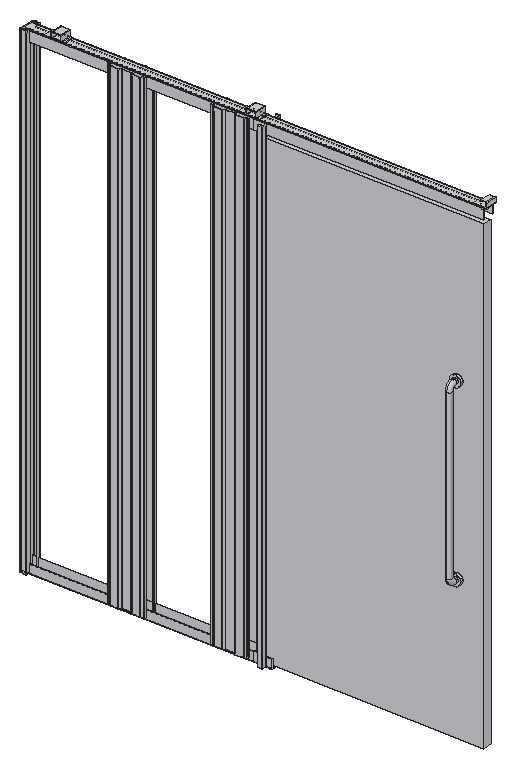
Revit family "BOS-LineaSet-One-Sonder_Familie", category Türen, Revit 2017
Family settings
  Basisbauteil = Wand
  Immer vertikal = Ja
  Beim Laden mit Abzugskörper schneiden = Nein
  Gemeinsam genutzt = Nein
  Raumberechnungspunkt = Ja
Parameters (values of type "LineaSet One Sonder mit ALU 80 BOS Holz")
  Theoretisches Rohbaumaß Höhe   Theoretical Wall Opening Height Measurement [instance] = AMH Außenmaß_Höhe   Overall Height Measurement  # 2215 mm
  Theoretisches Rohbaumaß Breite   Theoretical Wall Opening Width Measurement [instance] = AMB Außenmaß_Breite   Overall Width Measurement  # 2084.5 mm
  Stoßgriffdurchmesser [instance] = 24 mm  # constant formula
  Türblatteinstand vorne = 9 mm  # constant formula
  Türblatteinstand hinten = 40 mm  # constant formula
  Türblatt geöffnet in ...% LDB [instance] = ((LDB effektiv Lichte Durchgangs Breite effektiv * Türblatt geöffnet in ...% LDB effektiv) * 100 mm / 100 mm) / LDB Lichte Durchgangs Breite  # 0
  Türblatt geöffnet in ...% LDB effektiv  Doorleaf opened in ...% Real Clearance Width [instance] = 0
  Türgriffabstand   Door handle offset [instance] = 120 mm
  Türgriff - Auswahl [instance] = if(Stoßgriffe, "Stoßgriffe", "Muschelgriffe")  # "Stoßgriffe"
  Türgriffabstand min. [instance] = 99 mm  # constant formula
  Türgriffabstand max. [instance] = 150 mm  # constant formula
  Türblatt geöffnet in ...% LDB effektiv [instance] = if(Türblatt geöffnet in ...% LDB effektiv  Doorleaf opened in ...% Real Clearance Width < 0, 0, if(Türblatt geöffnet in ...% LDB effektiv  Doorleaf opened in ...% Real Clearance Width > 100, 100, Türblatt geöffnet in ...% LDB effektiv  Doorleaf opened in ...% Real Clearance Width))  # 0
  TRB rechts [instance] = (LDB Lichte Durchgangs Breite / 2) + Einfügepunkt  # 493 mm
  TRB links [instance] = Theoretisches Rohbaumaß Breite   Theoretical Wall Opening Width Measurement - (LDB Lichte Durchgangs Breite / 2) - Einfügepunkt  # 1591.5 mm
  Material - Bürstendichtung = none
  Material - Anschraubprofil = none
  Laufkastenabstand rechts [instance] = 12.5 mm  # constant formula
  Laufkastenabstand links [instance] = 1.5 mm  # constant formula
  LDH effektiv Lichte Durchgangs Höhe effektiv   Real Clearance Height [instance] = 2110 mm
  LDH effektiv Lichte Durchgangs Höhe effektiv [instance] = if(LDH effektiv Lichte Durchgangs Höhe effektiv   Real Clearance Height < LDH effektiv min., LDH effektiv min., if(LDH effektiv Lichte Durchgangs Höhe effektiv   Real Clearance Height > LDH effektiv max., LDH effektiv max., LDH effektiv Lichte Durchgangs Höhe effektiv   Real Clearance Height))  # 2110 mm
  LDH Lichte Durchgangs Höhe [instance] = LDH effektiv Lichte Durchgangs Höhe effektiv + 30 mm  # 2140 mm
  LDB effektiv Lichte Durchgangs Breite effektiv [instance] = LDB Lichte Durchgangs Breite - if(Stoßgriffe, [Türblatteinstand (Griff)], 0 mm)  # 754 mm
  LDB Lichte Durchgangs Breite   Clearance Width [instance] = 936 mm
  LDB Lichte Durchgangs Breite [instance] = if(LDB Lichte Durchgangs Breite   Clearance Width < LDB effektiv min., LDB effektiv min., if(LDB Lichte Durchgangs Breite   Clearance Width > LDB effektiv max., LDB effektiv max., LDB Lichte Durchgangs Breite   Clearance Width))  # 936 mm
  Klemmschutzabstand [instance] = 50 mm  # constant formula
  Material - Türblatt = none
  Einlaufkastenprofil 2 [instance] = 5 mm + if(LDB Lichte Durchgangs Breite < 686 mm, 182.9 mm, if(LDB Lichte Durchgangs Breite < 811 mm, 566.5 mm, if(LDB Lichte Durchgangs Breite < 936 mm, 616.5 mm, if(LDB Lichte Durchgangs Breite < 1061 mm, 648.5 mm, 738.5 mm))))  # 653.5 mm
  Einlaufkastenprofil 1 = 5 mm + 182.9 mm  # 187.9 mm
  Einfügepunkt = 25 mm  # constant formula
  DIN Richtung [instance] = "DIN neutral"  # constant formula
  Bürstendichtungslänge [instance] = LDH Lichte Durchgangs Höhe - 2 mm  # 2138 mm
  Bürstendichtung = Glastürblatt  # no
  Beplankungsstärke [instance] = (MW Maulweite   Receiving Opening - 75 mm) / 2  # 25 mm
  Anschraubprofil sichtbar [instance] = no
  ALU 100 BOS = or(LineaSet One Sonder mit ALU 100 BOS Holz, LineaSet One Sonder mit ALU 100 BOS Glas)  # no
  ALU 80 BOS = or(LineaSet One Sonder mit ALU 80 BOS Holz, LineaSet One Sonder mit ALU 80 BOS Glas)  # yes
  Zargenblechstärke = 1.5 mm  # constant formula
  Türblatteinstand (Griff) [instance] = if(Muschelgriffe, 0 mm, Türgriffabstand + Klemmschutzabstand + Stoßgriffdurchmesser / 2)  # 182 mm
  Türgriffabstand [instance] = if(Türgriffabstand   Door handle offset < Türgriffabstand min., Türgriffabstand min., if(Türgriffabstand   Door handle offset > Türgriffabstand max., Türgriffabstand max., Türgriffabstand   Door handle offset))  # 120 mm
  Türblattreferenz [instance] = LDB Lichte Durchgangs Breite + Türblatteinstand vorne - (Türblatt geöffnet in ...% LDB effektiv  Doorleaf opened in ...% Real Clearance Width * (LDB effektiv Lichte Durchgangs Breite effektiv + Türblatteinstand vorne) / 100)  # 945 mm
  Türblattabstand unten [instance] = 10 mm  # constant formula
  TAH Türblatt_Außenmaß_Höhe   Door Leaf Overall Height Measurement [instance] = LDH effektiv Lichte Durchgangs Höhe effektiv  # 2110 mm
  TAH Türblatt Außenmaß Höhe [instance] = TAH Türblatt_Außenmaß_Höhe   Door Leaf Overall Height Measurement  # 2110 mm
  TAB Türblatt_Außenmaß_Breite   Door Leaf Overall Width Measurement [instance] = LDB Lichte Durchgangs Breite + 49 mm  # 985 mm
  TAB Türblatt Außenmaß Breite [instance] = TAB Türblatt_Außenmaß_Breite   Door Leaf Overall Width Measurement  # 985 mm
  LineaSet One Sonder mit ALU 80 BOS Holz = yes
  Stoßgrifflänge [instance] = 800 mm  # constant formula
  Stoßgriffe [instance] = yes
  LineaSet One Sonder mit ALU 80 BOS Glas = no
  LineaSet One Sonder mit ALU 100 BOS Holz = no
  Wandstärke   Wall Thickness [instance] = 125 mm
  Muschelgriffe [instance] = not(Stoßgriffe)  # no
  Material - Türgriff = none
  Material - Laufschiene = none
  Material - Führungszapfen = none
  Holztürblattstärke = 40 mm  # constant formula
  Holztürblatt = or(LineaSet One Sonder mit ALU 80 BOS Holz, LineaSet One Sonder mit ALU 100 BOS Holz)  # yes
  Glastürblattstärke = 8 mm  # constant formula
  Glastürblatt = or(LineaSet One Sonder mit ALU 80 BOS Glas, LineaSet One Sonder mit ALU 100 BOS Glas)  # no
  URL = "www.BestOfSteel.de/stahlzargen/zargen-fuer-schiebetueren/lineaset-one/"
  Türblattstärke [instance] = if(Holztürblatt, Holztürblattstärke, Glastürblattstärke)  # 40 mm
  Rough Height = 0 mm  # constant formula
  Rough Width = 0 mm  # constant formula
  Rechtliche Hinweise [instance] = "www.BestOfSteel.de/tools-downloads/bim-building-information-modeling/"
  LineaSet One Sonder mit ALU 100 BOS Glas = no
  Modell = "LineaSet mit ALU 80 BOS Holz"
  Material - Zarge = none
  Material = "grundiert, feuerverzinktes Feinblech nach DIN EN 10143"
  MW min. = 125 mm  # constant formula
  MW max. = 150 mm  # constant formula
  MW Maulweite   Receiving Opening [instance] = if(Wandstärke   Wall Thickness < MW max., MW min., MW max.)  # 125 mm
  Information in English = no
  Info-Texte sichtbar = yes
  Height [instance] = Theoretisches Rohbaumaß Höhe   Theoretical Wall Opening Height Measurement  # 2215 mm
  Hersteller = "BOS GmbH Best Of Steel, Lütkenfelde 4, D-48282 Emsdetten"
  MW Fehler [instance] = not(or(Wandstärke   Wall Thickness = MW min., Wandstärke   Wall Thickness = MW max.))  # no
  Funktion = Innen
  LDH effektiv min. = 1985 mm  # constant formula
  LDH effektiv max. = 2433 mm  # constant formula
  LDB effektiv min. = 561 mm  # constant formula
  LDB effektiv max. = 1186 mm  # constant formula
  Dicke = 0 mm  # constant formula
  Width = 0 mm  # constant formula
  Beschreibung = "Schiebetürzarge LineaSet One Sonder, vormontiert, rahmenlos für in der Wand laufende Schiebetüren"
  Bauelement = "BOS Stahlzarge"
  BOS-Architekten-Beratung = "Tel.: +49 (0) 2572 203-203; E-Mail: architekten@BestOfSteel.de"
  BE Bodeneinstand   Foundation Bedding [instance] = 0 mm  # constant formula
  BE Bodeneinstand [instance] = if(BE Bodeneinstand   Foundation Bedding < 0 mm, 0 mm, if(BE Bodeneinstand   Foundation Bedding > BE max., BE max., BE Bodeneinstand   Foundation Bedding))  # 0 mm
  BE max. = 100 mm  # constant formula
  Technische Infos rund um die Stahlzarge = "www.BestOfSteel.de/tools-downloads/technische-infos-rund-um-die-stahlzarge/"
  AMH Außenmaß_Höhe   Overall Height Measurement [instance] = LDH effektiv Lichte Durchgangs Höhe effektiv + 105 mm  # 2215 mm
  AMB Außenmaß_Breite   Overall Width Measurement [instance] = (2 * LDB Lichte Durchgangs Breite) + 212.5 mm  # 2084.5 mm
Reference planes
  plane 1 "Wand": y = 0
  plane 2 "Mitte (Links/rechts)": x = 125
  plane 3 "Hinten": y = 62.5
  plane 4 "Vorne": y = -62.5
  plane 5 "RRB links": x = -1466.5
  plane 6 "TRB rechts": x = 618
  plane 7 "TRH oben": z = 2215
  plane 8 "BE": z = 0
  plane 9 "LDH effektiv oben": z = 2110
  plane 10 "BE max.": z = -100
  plane 11 "LDB links": x = -343
  plane 12 "LDB rechts": x = 593
  plane 13 "Einlaufkastenprofil 1": x = -530.9
  plane 14 "Einlaufkastenprofil 2": x = -996.5
  plane 15 "LDH + 47": z = 2187
  plane 16 "LDH oben": z = 2140
Forms (mm)
  Sweep 1, solid, material <- "Material - Zarge", detail levels fine
    path origin (0, 0, 0) x (1, 0, 0) y (0, 0, 1)
      loop
        line (-1466.5, 0) -> (-1466.5, 2187)
    profile "BOS-Ständerprofil-LineaSet-(One)_Profil : BOS-Ständerprofil-LineaSet-(One)_Profil" origin (-1466.5, 0, 1093.5) x (-1, 0, 0) y (0, -1, 0)
      loop
        line (-30, 22) -> (-28.5, 22) -> (-28.5, 35)
        arc (-28.5, 35) -> (-28.207, 35.707) -> (-27.5, 36) r 1
        line (-27.5, 36) -> (-2.5, 36)
        arc (-2.5, 36) -> (-1.793, 35.707) -> (-1.5, 35) r 1
        line (-1.5, 35) -> (-1.5, -35)
        arc (-1.5, -35) -> (-1.793, -35.707) -> (-2.5, -36) r 1
        line (-2.5, -36) -> (-27.5, -36)
        arc (-27.5, -36) -> (-28.207, -35.707) -> (-28.5, -35) r 1
        line (-28.5, -35) -> (-28.5, -22) -> (-30, -22) -> (-30, -35)
        arc (-30, -35) -> (-29.268, -36.768) -> (-27.5, -37.5) r 2.5
        line (-27.5, -37.5) -> (-2.5, -37.5)
        arc (-2.5, -37.5) -> (-0.732, -36.768) -> (0, -35) r 2.5
        line (0, -35) -> (0, 35)
        arc (0, 35) -> (-0.732, 36.768) -> (-2.5, 37.5) r 2.5
        line (-2.5, 37.5) -> (-27.5, 37.5)
        arc (-27.5, 37.5) -> (-29.268, 36.768) -> (-30, 35) r 2.5
        line (-30, 35) -> (-30, 22)
  Sweep 2, solid, material <- "Material - Zarge", detail levels fine
    path origin (0, 0, 0) x (1, 0, 0) y (0, 0, 1)
      loop
        line (-343, 2) -> (-343, 2184)
    profile "BOS-Seitenteil-LineaSet-(One)_Profil : BOS-Seitenteil-LineaSet-(One)_Profil" origin (-343, 0, 1093) x (-1, 0, 0) y (0, -1, 0)
      loop
        line (27.5, -50) -> (45, -50) -> (45, -48.5) -> (27.5, -48.5)
        arc (27.5, -48.5) -> (26.793, -48.207) -> (26.5, -47.5) r 1
        line (26.5, -47.5) -> (26.5, -29.5)
        arc (26.5, -29.5) -> (26.793, -28.793) -> (27.5, -28.5) r 1
        line (27.5, -28.5) -> (81.5, -28.5) -> (81.5, -27) -> (27.5, -27)
        arc (27.5, -27) -> (25.732, -27.732) -> (25, -29.5) r 2.5
        line (25, -29.5) -> (25, -47.5)
        arc (25, -47.5) -> (25.732, -49.268) -> (27.5, -50) r 2.5
      loop
        arc (27.5, 50) -> (25.732, 49.268) -> (25, 47.5) r 2.5
        line (25, 47.5) -> (25, 29.5)
        arc (25, 29.5) -> (25.732, 27.732) -> (27.5, 27) r 2.5
        line (27.5, 27) -> (81.5, 27) -> (81.5, 28.5) -> (27.5, 28.5)
        arc (27.5, 28.5) -> (26.793, 28.793) -> (26.5, 29.5) r 1
        line (26.5, 29.5) -> (26.5, 47.5)
        arc (26.5, 47.5) -> (26.793, 48.207) -> (27.5, 48.5) r 1
        line (27.5, 48.5) -> (45, 48.5) -> (45, 50) -> (27.5, 50)
  Sweep 3, void
    path origin (0, 0, 0) x (1, 0, 0) y (0, 0, 1)
      loop
        line (-343, 46) -> (-343, 2140)
    profile origin (-343, 0, 1093) x (-1, 0, 0) y (0, -1, 0)
      loop
        line (81.5, -28.5) -> (81.5, 28.5) -> (35, 28.5) -> (35, -28.5) -> (81.5, -28.5)
  Sweep 4, solid, material <- "Material - Zarge", detail levels fine
    path origin (0, 0, 0) x (1, 0, 0) y (0, 0, 1)
      loop
        line (-530.9, 8) -> (-530.9, 2178)
    profile "BOS-Einlaufkastenprofil-LineaSet-(One)_Profil : BOS-Einlaufkastenprofil-LineaSet-(One)_Profil" origin (-530.9, 0, 1093) x (-1, 0, 0) y (0, -1, 0)
      loop
        arc (-67.482, -36) -> (-68.732, -35.665) -> (-69.648, -34.75) r 2.5
        line (-69.648, -34.75) -> (-72.967, -29)
        arc (-72.967, -29) -> (-74.431, -27.536) -> (-76.431, -27) r 4
        line (-76.431, -27) -> (-85, -27) -> (-85, -28.5) -> (-76.431, -28.5)
        arc (-76.431, -28.5) -> (-75.181, -28.835) -> (-74.266, -29.75) r 2.5
        line (-74.266, -29.75) -> (-70.947, -35.5)
        arc (-70.947, -35.5) -> (-69.482, -36.964) -> (-67.482, -37.5) r 4
        line (-67.482, -37.5) -> (-30.518, -37.5)
        arc (-30.518, -37.5) -> (-28.518, -36.964) -> (-27.053, -35.5) r 4
        line (-27.053, -35.5) -> (-23.734, -29.75)
        arc (-23.734, -29.75) -> (-22.819, -28.835) -> (-21.569, -28.5) r 2.5
        line (-21.569, -28.5) -> (21.569, -28.5)
        arc (21.569, -28.5) -> (22.819, -28.835) -> (23.734, -29.75) r 2.5
        line (23.734, -29.75) -> (27.053, -35.5)
        arc (27.053, -35.5) -> (28.518, -36.964) -> (30.518, -37.5) r 4
        line (30.518, -37.5) -> (67.482, -37.5)
        arc (67.482, -37.5) -> (69.482, -36.964) -> (70.947, -35.5) r 4
        line (70.947, -35.5) -> (74.266, -29.75)
        arc (74.266, -29.75) -> (75.181, -28.835) -> (76.431, -28.5) r 2.5
        line (76.431, -28.5) -> (85, -28.5) -> (85, -27) -> (76.431, -27)
        arc (76.431, -27) -> (74.431, -27.536) -> (72.967, -29) r 4
        line (72.967, -29) -> (69.648, -34.75)
        arc (69.648, -34.75) -> (68.732, -35.665) -> (67.482, -36) r 2.5
        line (67.482, -36) -> (30.518, -36)
        arc (30.518, -36) -> (29.268, -35.665) -> (28.352, -34.75) r 2.5
        line (28.352, -34.75) -> (25.033, -29)
        arc (25.033, -29) -> (23.569, -27.536) -> (21.569, -27) r 4
        line (21.569, -27) -> (-21.569, -27)
        arc (-21.569, -27) -> (-23.569, -27.536) -> (-25.033, -29) r 4
        line (-25.033, -29) -> (-28.352, -34.75)
        arc (-28.352, -34.75) -> (-29.268, -35.665) -> (-30.518, -36) r 2.5
        line (-30.518, -36) -> (-67.482, -36)
      loop
        line (-67.482, 36) -> (-30.518, 36)
        arc (-30.518, 36) -> (-29.268, 35.665) -> (-28.352, 34.75) r 2.5
        line (-28.352, 34.75) -> (-25.033, 29)
        arc (-25.033, 29) -> (-23.569, 27.536) -> (-21.569, 27) r 4
        line (-21.569, 27) -> (21.569, 27)
        arc (21.569, 27) -> (23.569, 27.536) -> (25.033, 29) r 4
        line (25.033, 29) -> (28.352, 34.75)
        arc (28.352, 34.75) -> (29.268, 35.665) -> (30.518, 36) r 2.5
        line (30.518, 36) -> (67.482, 36)
        arc (67.482, 36) -> (68.732, 35.665) -> (69.648, 34.75) r 2.5
        line (69.648, 34.75) -> (72.967, 29)
        arc (72.967, 29) -> (74.431, 27.536) -> (76.431, 27) r 4
        line (76.431, 27) -> (85, 27) -> (85, 28.5) -> (76.431, 28.5)
        arc (76.431, 28.5) -> (75.181, 28.835) -> (74.266, 29.75) r 2.5
        line (74.266, 29.75) -> (70.947, 35.5)
        arc (70.947, 35.5) -> (69.482, 36.964) -> (67.482, 37.5) r 4
        line (67.482, 37.5) -> (30.518, 37.5)
        arc (30.518, 37.5) -> (28.518, 36.964) -> (27.053, 35.5) r 4
        line (27.053, 35.5) -> (23.734, 29.75)
        arc (23.734, 29.75) -> (22.819, 28.835) -> (21.569, 28.5) r 2.5
        line (21.569, 28.5) -> (-21.569, 28.5)
        arc (-21.569, 28.5) -> (-22.819, 28.835) -> (-23.734, 29.75) r 2.5
        line (-23.734, 29.75) -> (-27.053, 35.5)
        arc (-27.053, 35.5) -> (-28.518, 36.964) -> (-30.518, 37.5) r 4
        line (-30.518, 37.5) -> (-67.482, 37.5)
        arc (-67.482, 37.5) -> (-69.482, 36.964) -> (-70.947, 35.5) r 4
        line (-70.947, 35.5) -> (-74.266, 29.75)
        arc (-74.266, 29.75) -> (-75.181, 28.835) -> (-76.431, 28.5) r 2.5
        line (-76.431, 28.5) -> (-85, 28.5) -> (-85, 27) -> (-76.431, 27)
        arc (-76.431, 27) -> (-74.431, 27.536) -> (-72.967, 29) r 4
        line (-72.967, 29) -> (-69.648, 34.75)
        arc (-69.648, 34.75) -> (-68.732, 35.665) -> (-67.482, 36) r 2.5
  Sweep 5, solid, material <- "Material - Zarge", detail levels fine
    path origin (0, 0, 0) x (1, 0, 0) y (0, 0, 1)
      loop
        line (-996.5, 8) -> (-996.5, 2178)
    profile "BOS-Einlaufkastenprofil-LineaSet-(One)_Profil : BOS-Einlaufkastenprofil-LineaSet-(One)_Profil" origin (-996.5, 0, 1093) x (-1, 0, 0) y (0, -1, 0)
      loop
        arc (-67.482, -36) -> (-68.732, -35.665) -> (-69.648, -34.75) r 2.5
        line (-69.648, -34.75) -> (-72.967, -29)
        arc (-72.967, -29) -> (-74.431, -27.536) -> (-76.431, -27) r 4
        line (-76.431, -27) -> (-85, -27) -> (-85, -28.5) -> (-76.431, -28.5)
        arc (-76.431, -28.5) -> (-75.181, -28.835) -> (-74.266, -29.75) r 2.5
        line (-74.266, -29.75) -> (-70.947, -35.5)
        arc (-70.947, -35.5) -> (-69.482, -36.964) -> (-67.482, -37.5) r 4
        line (-67.482, -37.5) -> (-30.518, -37.5)
        arc (-30.518, -37.5) -> (-28.518, -36.964) -> (-27.053, -35.5) r 4
        line (-27.053, -35.5) -> (-23.734, -29.75)
        arc (-23.734, -29.75) -> (-22.819, -28.835) -> (-21.569, -28.5) r 2.5
        line (-21.569, -28.5) -> (21.569, -28.5)
        arc (21.569, -28.5) -> (22.819, -28.835) -> (23.734, -29.75) r 2.5
        line (23.734, -29.75) -> (27.053, -35.5)
        arc (27.053, -35.5) -> (28.518, -36.964) -> (30.518, -37.5) r 4
        line (30.518, -37.5) -> (67.482, -37.5)
        arc (67.482, -37.5) -> (69.482, -36.964) -> (70.947, -35.5) r 4
        line (70.947, -35.5) -> (74.266, -29.75)
        arc (74.266, -29.75) -> (75.181, -28.835) -> (76.431, -28.5) r 2.5
        line (76.431, -28.5) -> (85, -28.5) -> (85, -27) -> (76.431, -27)
        arc (76.431, -27) -> (74.431, -27.536) -> (72.967, -29) r 4
        line (72.967, -29) -> (69.648, -34.75)
        arc (69.648, -34.75) -> (68.732, -35.665) -> (67.482, -36) r 2.5
        line (67.482, -36) -> (30.518, -36)
        arc (30.518, -36) -> (29.268, -35.665) -> (28.352, -34.75) r 2.5
        line (28.352, -34.75) -> (25.033, -29)
        arc (25.033, -29) -> (23.569, -27.536) -> (21.569, -27) r 4
        line (21.569, -27) -> (-21.569, -27)
        arc (-21.569, -27) -> (-23.569, -27.536) -> (-25.033, -29) r 4
        line (-25.033, -29) -> (-28.352, -34.75)
        arc (-28.352, -34.75) -> (-29.268, -35.665) -> (-30.518, -36) r 2.5
        line (-30.518, -36) -> (-67.482, -36)
      loop
        line (-67.482, 36) -> (-30.518, 36)
        arc (-30.518, 36) -> (-29.268, 35.665) -> (-28.352, 34.75) r 2.5
        line (-28.352, 34.75) -> (-25.033, 29)
        arc (-25.033, 29) -> (-23.569, 27.536) -> (-21.569, 27) r 4
        line (-21.569, 27) -> (21.569, 27)
        arc (21.569, 27) -> (23.569, 27.536) -> (25.033, 29) r 4
        line (25.033, 29) -> (28.352, 34.75)
        arc (28.352, 34.75) -> (29.268, 35.665) -> (30.518, 36) r 2.5
        line (30.518, 36) -> (67.482, 36)
        arc (67.482, 36) -> (68.732, 35.665) -> (69.648, 34.75) r 2.5
        line (69.648, 34.75) -> (72.967, 29)
        arc (72.967, 29) -> (74.431, 27.536) -> (76.431, 27) r 4
        line (76.431, 27) -> (85, 27) -> (85, 28.5) -> (76.431, 28.5)
        arc (76.431, 28.5) -> (75.181, 28.835) -> (74.266, 29.75) r 2.5
        line (74.266, 29.75) -> (70.947, 35.5)
        arc (70.947, 35.5) -> (69.482, 36.964) -> (67.482, 37.5) r 4
        line (67.482, 37.5) -> (30.518, 37.5)
        arc (30.518, 37.5) -> (28.518, 36.964) -> (27.053, 35.5) r 4
        line (27.053, 35.5) -> (23.734, 29.75)
        arc (23.734, 29.75) -> (22.819, 28.835) -> (21.569, 28.5) r 2.5
        line (21.569, 28.5) -> (-21.569, 28.5)
        arc (-21.569, 28.5) -> (-22.819, 28.835) -> (-23.734, 29.75) r 2.5
        line (-23.734, 29.75) -> (-27.053, 35.5)
        arc (-27.053, 35.5) -> (-28.518, 36.964) -> (-30.518, 37.5) r 4
        line (-30.518, 37.5) -> (-67.482, 37.5)
        arc (-67.482, 37.5) -> (-69.482, 36.964) -> (-70.947, 35.5) r 4
        line (-70.947, 35.5) -> (-74.266, 29.75)
        arc (-74.266, 29.75) -> (-75.181, 28.835) -> (-76.431, 28.5) r 2.5
        line (-76.431, 28.5) -> (-85, 28.5) -> (-85, 27) -> (-76.431, 27)
        arc (-76.431, 27) -> (-74.431, 27.536) -> (-72.967, 29) r 4
        line (-72.967, 29) -> (-69.648, 34.75)
        arc (-69.648, 34.75) -> (-68.732, 35.665) -> (-67.482, 36) r 2.5
  Sweep 6, void
    path origin (0, 0, 0) x (1, 0, 0) y (0, 0, 1)
      loop
        line (125, 0) -> (125, 2110)
    profile "BOS-AK-LineaSet-(One)_Profil : BOS-AK-LineaSet-(One)_Profil" origin (125, 0, 1055) x (-1, 0, 0) y (0, -1, 0)
      loop
        line (1591.5, -37.5) -> (1591.5, 37.5) -> (513, 37.5) -> (513, 50) -> (493, 50) -> (493, 27) -> (468, 27) -> (468, 62.5) -> (-468, 62.5) -> (-468, 27) -> (-480.5, 27) -> (-480.5, -27) -> (-468, -27) -> (-468, -62.5) -> (468, -62.5) -> (468, -27) -> (493, -27) -> (493, -50) -> (513, -50) -> (513, -37.5) -> (1591.5, -37.5)
  Sweep 7, void
    path origin (0, 0, 2110) x (-1, 0, 0) y (0, -1, 0)
      loop
        line (1466.5, 0) -> (-618, 0)
    profile "BOS-AK-Laufkasten-LineaSet-(One)_Profil : BOS-AK-Laufkasten-LineaSet-(One)_Profil" origin (-424.25, 0, 2110) x (0, 1, 0) y (0, 0, 1)
      loop
        line (-37.5, 105) -> (-37.5, 30) -> (-27, 30) -> (-27, 0) -> (27, 0) -> (27, 30) -> (37.5, 30) -> (37.5, 105) -> (-37.5, 105)
  Sweep 8, solid, material <- "Material - Bürstendichtung", visible <- "Bürstendichtung", detail levels fine
    path origin (0, 0, 0) x (1, 0, 0) y (0, 0, 1)
      loop
        line (-343, 46) -> (-343, 2110)
    profile "BOS-Bürstendichtung_Profil : BOS-Bürstendichtung_Profil" origin (-343, 0, 1078) x (-1, 0, 0) y (0, -1, 0)
      loop
        line (26.6, 31.75) -> (26.6, 29.25) -> (36.1, 29.25) -> (36.1, 26.25) -> (26.6, 26.25) -> (26.6, 23.75) -> (40.065, 23.75) -> (35.041, 5) -> (45.647, 5) -> (40.623, 23.75) -> (44.6, 23.75) -> (44.6, 31.75) -> (26.6, 31.75)
      loop
        line (26.6, -31.75) -> (44.6, -31.75) -> (44.6, -23.75) -> (40.623, -23.75) -> (45.647, -5) -> (35.041, -5) -> (40.065, -23.75) -> (26.6, -23.75) -> (26.6, -26.25) -> (36.1, -26.25) -> (36.1, -29.25) -> (26.6, -29.25) -> (26.6, -31.75)
Cuts and joins
  Sweep 3 cuts Sweep 2
Lines and regions (mm)
  reference lines
    curve 1: line (65, 612.5, 0) -> (185, 612.5, 0)
    curve 2: line (65, -612.5, 0) -> (185, -612.5, 0)
    curve 3: line (1118, 62.5, 0) -> (1118, -62.5, 0)
Text (mm)
  text "Außen     " at (-1696.17, 830.944, 0), in view "Ref.-Ebene"
  text "Außen" at (0, 1409.804, 2854.306), in view "Links"
  text "Placement side" at (0, 499.811, 2980.732), in view "Rechts"
Dimensions and locks
  locked: plane 3 "Hinten" to host wall
  locked: host wall to plane 4 "Vorne" at 0
  level to plane 7 "TRH oben" = 2215 mm
  "BE Bodeneinstand": plane 8 "BE" to level
  "Wandstärke   Wall Thickness": host wall to host wall
  "Theoretisches Rohbaumaß Höhe   Theoretical Wall Opening Height Measurement": plane 7 "TRH oben" to level
  curve 2 to plane 4 "Vorne" to plane 3 "Hinten" to curve 1 = 550 mm, 125 mm, 550 mm
  "BE max.": level to plane 10 "BE max."
  equal spacing: plane 11 "LDB links", plane 2 "Mitte (Links/rechts)", plane 12 "LDB rechts"
  "LDB Lichte Durchgangs Breite": plane 11 "LDB links" to plane 12 "LDB rechts"
  plane 6 "TRB rechts" to curve 3 = 500 mm
  "LDH effektiv Lichte Durchgangs Höhe effektiv": plane 9 "LDH effektiv oben" to level
  "TRB links": plane 2 "Mitte (Links/rechts)" to plane 5 "RRB links"
  "TRB rechts": plane 6 "TRB rechts" to plane 2 "Mitte (Links/rechts)"
  Sweep 3 sketch curve to Sweep 3 sketch curve = 46.5 mm
  plane 7 "TRH oben" to Sweep 2 sketch curve = 31 mm
  Sweep 2 sketch curve to level = 2 mm
  Sweep 3 sketch curve to cut or joined group of Sweep 2, Sweep 3 = 44 mm
  cut or joined group of Sweep 2, Sweep 3 to Sweep 3 sketch curve = 44 mm
  Sweep 4 sketch curve to level = 8 mm
  Sweep 4 sketch curve to plane 15 "LDH + 47" = 9 mm
  level to Sweep 5 sketch curve = 8 mm
  Sweep 5 sketch curve to plane 15 "LDH + 47" = 9 mm
  "Einlaufkastenprofil 2": plane 11 "LDB links" to plane 14 "Einlaufkastenprofil 2"
  "Einlaufkastenprofil 1": plane 11 "LDB links" to plane 13 "Einlaufkastenprofil 1"
  "LDH Lichte Durchgangs Höhe": plane 16 "LDH oben" to level
  plane 15 "LDH + 47" to plane 16 "LDH oben" = 47 mm
  aligned and locked: host wall to plane 1 "Wand"
  aligned and locked: plane 11 "LDB links" to nested 2
  aligned and locked: plane 5 "RRB links" to nested 4
  aligned and locked: plane 1 "Wand" to nested 4
  aligned and locked: nested 5 to plane 1 "Wand"
  aligned and locked: plane 5 "RRB links" to Sweep 1 sketch curve
  aligned and locked: level to Sweep 1 sketch curve
  aligned and locked: nested 4 to nested 6  (x2)
  aligned and locked: plane 11 "LDB links" to Sweep 2 sketch curve
  aligned and locked: Sweep 3 sketch curve to Sweep 2  (x3)
  aligned and locked: nested 6 to nested 4
  aligned and locked: plane 13 "Einlaufkastenprofil 1" to Sweep 4 sketch curve
  aligned and locked: plane 14 "Einlaufkastenprofil 2" to Sweep 5 sketch curve
  aligned and locked: plane 2 "Mitte (Links/rechts)" to Sweep 6 sketch curve
  aligned and locked: level to Sweep 6 sketch curve
  aligned and locked: plane 9 "LDH effektiv oben" to Sweep 6 sketch curve
  aligned and locked: plane 5 "RRB links" to Sweep 7 sketch curve
  aligned and locked: plane 6 "TRB rechts" to Sweep 7 sketch curve
  aligned and locked: plane 1 "Wand" to Sweep 7 sketch curve
  aligned and locked: plane 1 "Wand" to nested 1
  aligned and locked: plane 6 "TRB rechts" to nested 1
  aligned and locked: nested 3 to cut or joined group of Sweep 2, Sweep 3  (x2)
  aligned and locked: curve 2 to nested 8
  aligned and locked: nested 8 to plane 2 "Mitte (Links/rechts)"
  aligned and locked: curve 1 to nested 9
  aligned and locked: plane 2 "Mitte (Links/rechts)" to nested 9
  aligned and locked: nested 7 to curve 3
  aligned and locked: plane 1 "Wand" to nested 7
  aligned and locked: plane 11 "LDB links" to Sweep 8 sketch curve
  aligned and locked: plane 9 "LDH effektiv oben" to Sweep 8 sketch curve
  aligned and locked: Sweep 8 sketch curve to cut or joined group of Sweep 2, Sweep 3
  aligned and locked: plane 2 "Mitte (Links/rechts)" to nested 10
  aligned and locked: nested 10 to plane 4 "Vorne"
  aligned and locked: nested 5 to plane 16 "LDH oben"
Automatic sketch dimensions
  host wall to curve 3 = 0 mm
  curve 3 to host wall = 0 mm
  plane 2 "Mitte (Links/rechts)" to curve 1 = 60 mm
  plane 2 "Mitte (Links/rechts)" to curve 2 = 60 mm
  curve 1 to plane 2 "Mitte (Links/rechts)" = 60 mm
  curve 2 to plane 2 "Mitte (Links/rechts)" = 60 mm
  Sweep 1 sketch curve to plane 7 "TRH oben" = 28 mm
  Sweep 3 sketch curve to plane 11 "LDB links" = 0 mm
Nested families
  nested 1: "BOS-BOS_Modell" at (618, 1.129, 1050), type "BOS-BOS_Modell", not visible
    with Abstand 12.5 mm
  nested 2: "BOS-Türblatt-Schiebetürzargen_Modell" at (-414, -109, 0), type "BOS-Türblatt-Schiebetürzargen_Modell"
  nested 3: "BOS-Logo_Modell" at (-376.5, 40.201, 0), type "BOS-Logo_Modell", detail levels fine
  nested 4: "BOS-Bodenprofil-LineaSet-(One)_Modell" at (-220.311, -31.643, 0), type "BOS-Bodenprofil-LineaSet-(One)_Modell", detail levels fine
  nested 5: "BOS-Laufkasten-LineaSet-(One)_Modell" at (-231.516, -100, 2140), type "BOS-Laufkasten-LineaSet-(One)_Modell", detail levels fine
    with Laufschienenlänge 2015.5 mm, Laufkastenlänge 2070.5 mm, Laufkastenabstand rechts 12.5 mm, Anschraubprofil no
  nested 6: "BOS-Führungszapfen-Holz-Glas_Model" at (-859.666, 116.677, 1.5), type "BOS-Führungszapfen-Holz-Glas_Model", detail levels fine
  nested 7: "BOS-Info-Texte_Beschriftung" at (1118, -0.955, 0), visible <- "MW Fehler", type "Maulweite Fehlermeldung"
  nested 8: "BOS-Info-Texte_Beschriftung" at (125, -613.455, 0), visible <- "Info-Texte sichtbar", type "Rechtliche Hinweise"
  nested 9: "BOS-Info-Texte_Beschriftung" at (125, 611.545, 0), visible <- "Info-Texte sichtbar", type "Technische Hinweise Norm"
  nested 10: "BOS-Beplankung-LineaSet-(One)_Detail" at (97.5, -62.5, 0), type "BOS-Beplankung-LineaSet-(One)_Detail", detail levels fine
Definition of nested family "BOS-Türblatt-Schiebetürzargen_Modell"
  Parameters (values of type "BOS-Türblatt-Schiebetürzargen_Modell")
    URL = "www.BestOfSteel.de"
    Türblattreferenz = 945 mm
    Technische Infos rund um die Stahlzarge = "www.BestOfSteel.de/tools-downloads/technische-infos-rund-um-die-stahlzarge/"
    Stoßgrifflänge = 800 mm
    Türgriffabstand = 120 mm
    Stoßgriffdurchmesser = 24 mm
    Muschelgriffüberstand = if(Holztürblatt, 1.5 mm, 9 mm)  # 1.5 mm
    Muschelgrifftiefe = if(Holztürblatt, 10 mm, Türblattstärke / 2)  # 10 mm
    Griffposition = if(DIN links, Türgriffabstand, TAB Türblatt Außenmaß Breite - Türgriffabstand)  # 865 mm
    Führungsnuttiefe = if(Holztürblatt, 18 mm, 0 mm)  # 18 mm
    Stoßgriffe = yes
    Türblattversatz = 0 mm
    Türblattstärke = 40 mm
    Türblattabstand unten = 10 mm
    TAH Türblatt Außenmaß Höhe = 2110 mm
    TAB Türblatt Außenmaß Breite = 985 mm
    Muschelgriffe = no
    Rechtliche Hinweise = "www.BestOfSteel.de/tools-downloads/bim-building-information-modeling/"
    Model = ""
    Material - Türgriff = none
    Material - Türblatt = none
    Holztürblatt = yes
    Manufacturer = ""
    Glastürblatt = no
    Führungsnutbreite = 8 mm
    Fräsextrusionsende = if(not(Muschelgriffe), 0 mm, if(Holztürblatt, -10 mm, -Türblattstärke / 2))  # 0 mm
    Fräsextrusionsbeginn = if(not(Muschelgriffe), 1 mm, 0 mm)  # 1 mm
    Drückerhöhe = 1050 mm
    DIN rechts = yes
    DIN links = no
    Description = "Holz- Glastürblatt für Schiebetürzargen"
    Keynote = "BOS Modell"
    BOS-Architekten-Beratung = "Tel.: +49 (0) 2572 203-203, Fax -209; E-Mail: architekten@BestOfSteel.de"
  Reference planes
    plane 1: y = 109
    plane 2: z = 0
    plane 3: x = 31
    plane 4: x = 1016
    plane 5: y = 129
    plane 6: y = 89
    plane 7: z = 10
    plane 8: z = 2120
    plane 9: z = 28
    plane 10: y = 109
    plane 11: y = 109
    plane 12: y = 113
    plane 13: y = 105
    plane 14: z = 1050
    plane 15: x = 896
    plane 16: x = 71
  Forms (mm)
    Extrusion 1, solid, material <- "Material - Türblatt", detail levels medium+fine
      sketch origin (0, 0, 0) x (1, 0, 0) y (0, 1, 0)
        loop
          line (31, 129) -> (31, 89) -> (1016, 89) -> (1016, 129) -> (31, 129)
      from 10 to 2120
    Extrusion 2, void
      sketch origin (31, -12.856, 0) x (0, 1, 0) y (0, 0, 1)
        loop
          line (125.856, 28) -> (117.856, 28) -> (117.856, 0) -> (125.856, 0) -> (125.856, 28)
      from 0 to 985
    Extrusion 3, void
      sketch origin (1569.406, 89, 1200) x (1, 0, 0) y (0, 0, 1)
        loop
          arc (-689.406, -184) -> (-673.406, -200) -> (-657.406, -184) r 16
          line (-657.406, -184) -> (-657.406, -116)
          arc (-657.406, -116) -> (-673.406, -100) -> (-689.406, -116) r 16
          line (-689.406, -116) -> (-689.406, -184)
      from 1 <- "Fräsextrusionsbeginn" to 0 <- "Fräsextrusionsende"
    Extrusion 4, void
      sketch origin (-112.482, 129, 1200) x (-1, 0, 0) y (0, 0, 1)
        loop
          line (-992.482, -184) -> (-992.482, -116)
          arc (-992.482, -116) -> (-1008.482, -100) -> (-1024.482, -116) r 16
          line (-1024.482, -116) -> (-1024.482, -184)
          arc (-1024.482, -184) -> (-1008.482, -200) -> (-992.482, -184) r 16
      from 1 <- "Fräsextrusionsbeginn" to 0 <- "Fräsextrusionsende"
  Cuts and joins
    Extrusion 2, Extrusion 3, Extrusion 4 cuts Extrusion 1
  Dimensions and locks
    "Türblattstärke": plane 5 to plane 6
    "Türblattversatz": plane 10 to plane 1 to plane 11
    "Türblattabstand unten": plane 7 to plane 2
    "TAB Türblatt Außenmaß Breite": plane 3 to plane 4
    "TAH Türblatt Außenmaß Höhe": plane 8 to plane 7
    equal spacing: plane 5, plane 1, plane 6
    "Drückerhöhe": plane 14 to plane 2
    "Griffposition": plane 3 to plane 15
    "Führungsnuttiefe": plane 9 to plane 7
    "Türblattreferenz": plane 16 to plane 4
    aligned and locked: level to plane 2
    aligned and locked: Extrusion 1 sketch curve to plane 4
    aligned and locked: Extrusion 1 sketch curve to plane 5
    aligned and locked: Extrusion 1 sketch curve to plane 6
    aligned and locked: plane 3 to Extrusion 1 sketch curve
    aligned and locked: Extrusion 1 to plane 7
    aligned and locked: Extrusion 1 to plane 8
    aligned and locked: plane 12 to Extrusion 2 sketch curve
    aligned and locked: plane 13 to Extrusion 2 sketch curve
    aligned and locked: Extrusion 2 sketch curve to plane 9
    aligned and locked: plane 2 to Extrusion 2 sketch curve
    aligned and locked: Extrusion 2 to plane 3
    aligned and locked: plane 4 to Extrusion 2
    aligned and locked: nested 1 to plane 14
    aligned and locked: plane 14 to nested 2
    aligned and locked: nested 1 to plane 15
    aligned and locked: plane 15 to nested 2
    aligned and locked: plane 6 to nested 2
    aligned and locked: plane 5 to nested 1
    aligned and locked: Extrusion 3 sketch curve to nested 1  (x2)
    aligned and locked: Extrusion 4 sketch curve to cut or joined group of Extrusion 1, Extrusion 2, Extrusion 3, Extrusion 4  (x2)
    aligned and locked: nested 4 to plane 14
    aligned and locked: plane 14 to nested 3
    aligned and locked: plane 5 to nested 4
    aligned and locked: plane 6 to nested 3
    aligned and locked: nested 4 to plane 15
    aligned and locked: plane 15 to nested 3
  Nested families
    nested 1: "BOS-Muschelgriff_Modell" at (896, 133.91, 1050), visible <- "Muschelgriffe", type "BOS-Muschelgriff_Modell", detail levels fine
    nested 2: "BOS-Muschelgriff_Modell" at (896, 84.09, 1050), visible <- "Muschelgriffe", type "BOS-Muschelgriff_Modell", detail levels fine
    nested 3: "BOS-Stoßgriff_Modell" at (896, 89, 1050), visible <- "Stoßgriffe", type "BOS-Stoßgriff_Modell", detail levels fine
      with Stoßgriffradius 12 mm, Stoßgriffdurchmesser 24 mm
    nested 4: "BOS-Stoßgriff_Modell" at (896, 129, 1050), visible <- "Stoßgriffe", type "BOS-Stoßgriff_Modell", detail levels fine
      with Stoßgriffradius 12 mm, Stoßgriffdurchmesser 24 mm
  Definition of nested family "BOS-Muschelgriff_Modell"
    Parameters (values of type "BOS-Muschelgriff_Modell")
      URL = "www.BestOfSteel.de"
      Rechtliche Hinweise = "www.BestOfSteel.de/tools-downloads/bim-building-information-modeling/"
      Muschelgriffüberstand = 1.5 mm
      Muschelgrifftiefe = 10 mm
      Material - Türgriff = none
      Description = "Muschelgriff"
      Keynote = "BOS Modell"
      BOS-Architekten-Beratung = "Tel.: +49 (0) 2572 203-203, Fax -209; E-Mail: architekten@BestOfSteel.de"
      Allgemeine Informationen zu Stahlzargen = "www.BestOfSteel.de/tools-downloads/technische-infos-rund-um-die-stahlzarge/"
    Reference planes
      plane 1: y = 4.91
      plane 2: z = 0
      plane 3: x = 0
      plane 4: y = 3.41
      plane 5: x = -19
      plane 6: x = 19
      plane 7: y = 12.91
      plane 8: z = 60
      plane 9: z = -60
      plane 10: y = 14.91
    Forms (mm)
      Extrusion 1, solid, material <- "Material - Türgriff"
        sketch origin (0, 4.91, 0) x (1, 0, 0) y (0, 0, 1)
          loop
            line (-19, 41) -> (-19, -41)
            arc (-19, -41) -> (0, -60) -> (19, -41) r 19
            line (19, -41) -> (19, 41)
            arc (19, 41) -> (0, 60) -> (-19, 41) r 19
        from 0 to 1.5
      Extrusion 2, solid, material <- "Material - Türgriff"
        sketch origin (0, 4.91, 0) x (1, 0, 0) y (0, 0, 1)
          loop
            line (-16, 34) -> (-16, -34)
            arc (-16, -34) -> (0, -50) -> (16, -34) r 16
            line (16, -34) -> (16, 34)
            arc (16, 34) -> (0, 50) -> (-16, 34) r 16
        from -10 to 0
      Extrusion 3, void
        sketch origin (0, 4.91, 0) x (1, 0, 0) y (0, 0, 1)
          loop
            line (-13, 34) -> (-13, -34)
            arc (-13, -34) -> (0, -47) -> (13, -34) r 13
            line (13, -34) -> (13, 34)
            arc (13, 34) -> (0, 47) -> (-13, 34) r 13
        from -8 to 1.5
    Cuts and joins
      Extrusion 3 cuts Extrusion 1
      Extrusion 3 cuts Extrusion 2
      joined: Extrusion 1, Extrusion 2
    Dimensions and locks
      equal spacing: plane 5, plane 3, plane 6
      plane 5 to plane 6 = 38 mm
      "Muschelgriffüberstand": plane 4 to plane 1
      plane 10 to plane 7 = 2 mm
      "Muschelgrifftiefe": plane 10 to plane 1
      aligned and locked: plane 7 to cut or joined group of Extrusion 1, Extrusion 2, Extrusion 3
      aligned and locked: cut or joined group of Extrusion 1, Extrusion 2, Extrusion 3 to plane 4
      aligned and locked: plane 4 to cut or joined group of Extrusion 1, Extrusion 2, Extrusion 3  (x2)
      aligned and locked: plane 10 to cut or joined group of Extrusion 1, Extrusion 2, Extrusion 3
    Automatic sketch dimensions
      Extrusion 1 sketch curve to plane 5 = 0 mm
      Extrusion 1 sketch curve to plane 3 = 0 mm
      Extrusion 1 sketch curve to plane 8 = 19 mm
      plane 9 to Extrusion 1 sketch curve = 19 mm
      Extrusion 2 sketch curve to plane 3 = 0 mm
      plane 5 to Extrusion 2 sketch curve = 3 mm
      Extrusion 2 sketch curve to plane 8 = 26 mm
      plane 9 to Extrusion 2 sketch curve = 26 mm
      Extrusion 3 sketch curve to plane 3 = 0 mm
      plane 5 to Extrusion 3 sketch curve = 6 mm
      Extrusion 3 sketch curve to plane 8 = 26 mm
      plane 9 to Extrusion 3 sketch curve = 26 mm
  Definition of nested family "BOS-Stoßgriff_Modell"
    Parameters (values of type "BOS-Stoßgriff_Modell")
      URL = "www.BestOfSteel.de"
      Stoßgrifflänge = 800 mm
      Stoßgriffradius = Stoßgriffdurchmesser / 2  # 9 mm
      Stoßgriffdurchmesser = 18 mm
      Rechtliche Hinweise = "www.BestOfSteel.de/tools-downloads/bim-building-information-modeling/"
      Model = ""
      Material - Türgriff = none
      Description = "Stoßgriff"
      Keynote = "BOS Modell"
      BOS-Architekten-Beratung = "Tel.: +49 (0) 2572 203-203, Fax -209; E-Mail: architekten@BestOfSteel.de"
      Allgemeine Informationen zu Stahlzargen = "www.BestOfSteel.de/tools-downloads/technische-infos-rund-um-die-stahlzarge/"
    Reference planes
      plane 1: y = 0
      plane 2: z = 0
      plane 3: x = 0
      plane 4: z = 400
      plane 5: z = -400
      plane 6: y = -45.5
    Forms (mm)
      Sweep 1, solid, material <- "Material - Türgriff"
        path origin (0, 0, 0) x (0, 1, 0) y (0, 0, 1)
          loop
            line (-10, 400) -> (-20.5, 400)
            arc (-20.5, 400) -> (-38.178, 392.678) -> (-45.5, 375) r 25
            line (-45.5, 375) -> (-45.5, -375)
            arc (-45.5, -375) -> (-38.178, -392.678) -> (-20.5, -400) r 25
            line (-20.5, -400) -> (-10, -400)
        profile origin (0, -15.25, 400) x (0, 0, -1) y (1, 0, 0)
          loop
            circle (0, 0) r 9
      Extrusion 2, solid, material <- "Material - Türgriff"
        sketch origin (0, 0, 0) x (1, 0, 0) y (0, 0, 1)
          loop
            circle (0, 400) r 25
          loop
            circle (0, -400) r 25
        from 0 to 10
    Cuts and joins
      joined: Sweep 1, Extrusion 2
    Dimensions and locks
      equal spacing: plane 4, plane 2, plane 5
      "Stoßgrifflänge": plane 4 to plane 5
      locked: plane 6 to plane 1 at 45.5
      "Stoßgriffradius": radius of Sweep 1 sketch curve
      aligned and locked: Sweep 1 sketch curve to plane 6
      aligned and locked: Sweep 1 sketch curve to plane 5
      aligned and locked: Sweep 1 sketch curve to plane 4
    Automatic sketch dimensions
      Extrusion 2 sketch curve to plane 3 = 0 mm  (x2)
      Extrusion 2 sketch curve to plane 5 = 0 mm
      Extrusion 2 sketch curve to plane 4 = 0 mm
      Sweep 1 sketch curve to Sweep 1 sketch curve = 10.5 mm
      plane 1 to Sweep 1 sketch curve = 20.5 mm  (x2)
      plane 1 to Sweep 1 sketch curve = 10 mm
      Sweep 1 sketch curve to plane 3 = 0 mm
      Sweep 1 sketch curve to profile plane = 0 mm
      radius of Extrusion 2 sketch curve = 25 mm  (x2)
Definition of nested family "BOS-Bodenprofil-LineaSet-(One)_Modell"
  Parameters (values of type "BOS-Bodenprofil-LineaSet-(One)_Modell")
    URL = "www.BestOfSteel.de"
    Rechtliche Hinweise = "www.BestOfSteel.de/tools-downloads/bim-building-information-modeling/"
    Material - Zarge = none
    LDB Lichte Durchgangs Breite = 936 mm
    Manufacturer = "BOS GmbH Best Of Steel, Lütkenfelde 4, D-48282 Emsdetten"
    Einfügepunkt = 25 mm
    Description = "Bodenprofil für LineaSet (One)"
    Keynote = "BOS Modell"
    BOS-Architekten-Beratung = "Tel.: +49 (0) 2572 203-203; E-Mail: architekten@BestOfSteel.de"
    Technische Infos rund um die Stahlzarge = "www.BestOfSteel.de/tools-downloads/technische-infos-rund-um-die-stahlzarge/"
    Bodenprofillänge = LDB Lichte Durchgangs Breite + 212.5 mm - Abstand links - Einfügepunkt  # 1122 mm
    Abstand links = 1.5 mm
  Reference planes
    plane 1: y = 31.643
    plane 2: z = 0
    plane 3: x = -1246.189
    plane 4: x = -1244.689
    plane 5: x = -122.689
  Forms (mm)
    Sweep 1, solid, material <- "Material - Zarge"
      path origin (0, 0, 0) x (1, 0, 0) y (0, 1, 0)
        loop
          line (-1244.689, 31.643) -> (-122.689, 31.643)
      profile origin (-683.689, 31.643, 0) x (0, 1, 0) y (0, 0, 1)
        loop
          line (27, 42) -> (25.5, 42) -> (25.5, 2.5)
          arc (25.5, 2.5) -> (25.207, 1.793) -> (24.5, 1.5) r 1
          line (24.5, 1.5) -> (-24.5, 1.5)
          arc (-24.5, 1.5) -> (-25.207, 1.793) -> (-25.5, 2.5) r 1
          line (-25.5, 2.5) -> (-25.5, 42) -> (-27, 42) -> (-27, 2.5)
          arc (-27, 2.5) -> (-26.268, 0.732) -> (-24.5, 0) r 2.5
          line (-24.5, 0) -> (24.5, 0)
          arc (24.5, 0) -> (26.268, 0.732) -> (27, 2.5) r 2.5
          line (27, 2.5) -> (27, 42)
  Dimensions and locks
    "Abstand links": plane 3 to plane 4
    "Bodenprofillänge": plane 4 to plane 5
    aligned and locked: level to plane 2
  Automatic sketch dimensions
    plane 1 to Sweep 1 sketch curve = 0 mm
    Sweep 1 sketch curve to plane 4 = 0 mm
    Sweep 1 sketch curve to plane 5 = 0 mm
    Sweep 1 sketch curve to Sweep 1 sketch curve = 0 mm  (x4)
    level to Sweep 1 sketch curve = 0 mm
    profile plane to Sweep 1 sketch curve = 27 mm
    Sweep 1 sketch curve to Sweep 1 sketch curve = 1.5 mm
    Sweep 1 sketch curve to Sweep 1 sketch curve = 1 mm  (x2)
    Sweep 1 sketch curve to profile plane = 24.5 mm
    Sweep 1 sketch curve to Sweep 1 sketch curve = 39.5 mm  (x2)
Definition of nested family "BOS-Laufkasten-LineaSet-(One)_Modell"
  Parameters (values of type "BOS-Laufkasten-LineaSet-(One)_Modell")
    TRB = 2084.5 mm
    Montagewinkeleinstand = 12.5 mm
    URL = "www.BestOfSteel.de"
    Rechtliche Hinweise = "www.BestOfSteel.de/tools-downloads/bim-building-information-modeling/"
    TRB rechts = 493 mm
    TRB links = 1591.5 mm
    Montagewinkel rechts = and(Montagewinkel, DIN rechts)  # yes
    Montagewinkel links = and(Montagewinkel, DIN links)  # no
    Montagewinkel = yes
    Material - Zarge = none
    Material - Laufschiene = none
    Material - Anschraubprofil = none
    Längenunterschied = 55 mm
    Laufschienenlänge = Laufkastenlänge - Längenunterschied  # 2017 mm
    Laufschienenabstand rechts = Längenunterschied / 2  # 27.5 mm
    Laufschienenabstand links = Längenunterschied / 2  # 27.5 mm
    Laufkastenlänge = TRB links + TRB rechts - Laufkastenabstand links - Laufkastenabstand rechts  # 2072 mm
    Laschenlänge vorne = if(DIN links, 16 mm, 37 mm)  # 37 mm
    Laschenlänge hinten = if(DIN rechts, 16 mm, 37 mm)  # 16 mm
    LDB Lichte Durchgangs Breite = 936 mm
    Manufacturer = "BOS GmbH Best Of Steel, Lütkenfelde 4, D-48282 Emsdetten"
    Einfügepunkt = 25 mm
    DIN rechts = yes
    DIN links = no
    Bügelankerreferenz 2 = if(DIN links, 151.5 mm, LDB Lichte Durchgangs Breite + 90.5 mm)  # 1026.5 mm
    Bügelankerreferenz 1 = if(DIN rechts, 151.5 mm, LDB Lichte Durchgangs Breite + 90.5 mm)  # 151.5 mm
    Bügelanker = yes
    Description = "Laufkasten LineaSet (One)"
    Keynote = "BOS Modell"
    BOS-Architekten-Beratung = "Tel.: +49 (0) 2572 203-203; E-Mail: architekten@BestOfSteel.de"
    Technische Infos rund um die Stahlzarge = "www.BestOfSteel.de/tools-downloads/technische-infos-rund-um-die-stahlzarge/"
    Anschraubprofilreferenz 2 = if(DIN rechts, TRB - Einfügepunkt - 2 * (LDB Lichte Durchgangs Breite / 3), Einfügepunkt + 2 * (LDB Lichte Durchgangs Breite / 3))  # 1435.5 mm
    Anschraubprofilreferenz 1 = if(DIN rechts, TRB - Einfügepunkt - (LDB Lichte Durchgangs Breite / 3), Einfügepunkt + (LDB Lichte Durchgangs Breite / 3))  # 1747.5 mm
    Anschraubprofil = yes
    Laufkastenabstand rechts = 11 mm
    Laufkastenabstand links = 1.5 mm
    ALU 80 BOS = yes
    ALU 100 BOS = no
  Reference planes
    plane 1: y = 73
    plane 2: z = 0
    plane 3: x = 356.516
    plane 4: x = 849.516
    plane 5: x = -1234.984
    plane 6: z = 47
    plane 7: y = 100
    plane 8: y = 127
    plane 9: x = -1233.484
    plane 10: x = 838.516
    plane 11: x = -1081.984
    plane 12: x = -206.984
    plane 13: x = 202.016
    plane 14: x = 514.016
  Forms (mm)
    Sweep 1, solid, material <- "Material - Zarge"
      path origin (0, 0, 0) x (1, 0, 0) y (0, 1, 0)
        loop
          line (-1233.484, 100) -> (838.516, 100)
      profile origin (-197.484, 100, 0) x (0, 1, 0) y (0, 0, 1)
        loop
          line (25, 0) -> (27, 0) -> (27, 44)
          arc (27, 44) -> (26.121, 46.121) -> (24, 47) r 3
          line (24, 47) -> (-24, 47)
          arc (-24, 47) -> (-26.121, 46.121) -> (-27, 44) r 3
          line (-27, 44) -> (-27, 0) -> (-25, 0) -> (-25, 44)
          arc (-25, 44) -> (-24.707, 44.707) -> (-24, 45) r 1
          line (-24, 45) -> (24, 45)
          arc (24, 45) -> (24.707, 44.707) -> (25, 44) r 1
          line (25, 44) -> (25, 0)
  Dimensions and locks
    "TRB rechts": plane 3 to plane 4
    "TRB links": plane 5 to plane 3
    equal spacing: plane 8, plane 7, plane 1
    "Laufkastenabstand links": plane 5 to plane 9
    plane 2 to plane 6 = 47 mm
    plane 8 to plane 1 = 54 mm
    "Laufkastenabstand rechts": plane 10 to plane 4
    "Bügelankerreferenz 1": plane 9 to plane 11
    "Bügelankerreferenz 2": plane 9 to plane 12
    "Anschraubprofilreferenz 1": plane 9 to plane 14
    "Anschraubprofilreferenz 2": plane 9 to plane 13
    aligned and locked: level to plane 2
    aligned and locked: Sweep 1 sketch curve to plane 6
    aligned and locked: nested 1 to plane 7
    aligned and locked: plane 10 to Sweep 1 sketch curve
    aligned and locked: plane 9 to Sweep 1 sketch curve
    aligned and locked: nested 1 to Sweep 1
    aligned and locked: Sweep 1 sketch curve to plane 2  (x2)
    aligned and locked: nested 1 to plane 9
    aligned and locked: nested 2 to plane 7
    aligned and locked: nested 3 to nested 1
    aligned and locked: nested 2 to plane 11
    aligned and locked: nested 3 to plane 12
    aligned and locked: nested 5 to plane 9
    aligned and locked: plane 10 to nested 4
    aligned and locked: nested 4 to nested 1
    aligned and locked: plane 7 to nested 5
    aligned and locked: nested 6 to nested 1
    aligned and locked: nested 7 to plane 7
    aligned and locked: nested 6 to plane 14
    aligned and locked: nested 7 to plane 13
  Automatic sketch dimensions
    Sweep 1 sketch curve to Sweep 1 sketch curve = 0 mm  (x4)
    Sweep 1 sketch curve to Sweep 1 sketch curve = 1 mm  (x2)
    Sweep 1 sketch curve to plane 7 = 0 mm
    Sweep 1 sketch curve to profile plane = 24 mm
    Sweep 1 sketch curve to Sweep 1 sketch curve = 2 mm
    profile plane to Sweep 1 sketch curve = 24 mm
  Nested families
    nested 1: "BOS-Laufschiene-ALU-80-100_Modell" at (-1233.484, 145.953, 45), type "BOS-Laufschiene-ALU-80-100_Modell"
      with Laufschienenlänge 2017 mm, Abstand rechts 27.5 mm, Abstand links 27.5 mm
    nested 2: "BOS-Bügelanker-eckig_Modell" at (-1080.598, 75, 47), visible <- "Bügelanker", type "BOS-Bügelanker-eckig_Modell"
      with Laschenlänge vorne 37 mm, Laschenlänge hinten 16 mm
    nested 3: "BOS-Bügelanker-eckig_Modell" at (-205.598, 75, 47), visible <- "Bügelanker", type "BOS-Bügelanker-eckig_Modell"
      with Laschenlänge vorne 37 mm, Laschenlänge hinten 16 mm
    nested 4: "BOS-Montagewinkel-LineaSet-(One)_Modell" at (817.402, 75, 47), visible <- "Montagewinkel rechts", type "BOS-Montagewinkel-LineaSet-(One)_Modell"
    nested 5: "BOS-Montagewinkel-LineaSet-(One)_Modell" at (-1212.371, 75, 47) x (-1, 0, 0) z (0, 0, 1), visible <- "Montagewinkel links", type "BOS-Montagewinkel-LineaSet-(One)_Modell"
    nested 6: "BOS-Anschraubprofil-LineaSet-(One)_Modell" at (462.516, 121.113, 47) x (0, -1, 0) z (0, 0, 1), visible <- "Anschraubprofil", type "BOS-Anschraubprofil-LineaSet-(One)_Modell"
    nested 7: "BOS-Anschraubprofil-LineaSet-(One)_Modell" at (150.516, 121.113, 47) x (0, -1, 0) z (0, 0, 1), visible <- "Anschraubprofil", type "BOS-Anschraubprofil-LineaSet-(One)_Modell"
  Definition of nested family "BOS-Laufschiene-ALU-80-100_Modell"
    Parameters (values of type "BOS-Laufschiene_Modell")
      URL = "www.BestOfSteel.de"
      Technische Infos rund um die Stahlzarge = "www.BestOfSteel.de/tools-downloads/technische-infos-rund-um-die-stahlzarge/"
      Rechtliche Hinweise = "www.BestOfSteel.de/tools-downloads/bim-building-information-modeling/"
      Model = ""
      Material - Laufschiene = none
      Laufschienenlänge = 320 mm
      Laufschiene ALU 100 BOS = no
      Laufschiene ALU 80 BOS = yes
      Manufacturer = "BOS GmbH Best Of Steel, Lütkenfelde 4, D-48282 Emsdetten"
      Description = "Laufschiene ALU 80-100 BOS"
      Keynote = "BOS Modell"
      BOS-Architekten-Beratung = "Tel.: +49 (0) 2572 203-203, Fax -209; E-Mail: architekten@BestOfSteel.de"
      Abstand rechts = 40 mm
      Abstand links = 40 mm
    Reference planes
      plane 1: y = -45.953
      plane 2: z = 0
      plane 3: x = 0
      plane 4: z = 0
      plane 5: x = 400
      plane 6: x = 40
      plane 7: x = 360
    Forms (mm)
      Extrusion 1, solid, material <- "Material - Laufschiene", visible <- "Laufschiene ALU 80 BOS"
        sketch origin (0, 0, 0) x (0, 1, 0) y (0, 0, 1)
          loop
            line (-58.953, -5) -> (-56.453, -2.5) -> (-35.453, -2.5) -> (-32.953, -5) -> (-32.953, -23.519) -> (-37.703, -25.734) -> (-36.646, -28) -> (-30.453, -25.112) -> (-30.453, 0) -> (-62.953, 0) -> (-62.953, -24.412) -> (-55.259, -28) -> (-54.203, -25.734) -> (-58.953, -23.519) -> (-58.953, -5)
        from 40 to 360
      Extrusion 2, solid, material <- "Material - Laufschiene", visible <- "Laufschiene ALU 100 BOS"
        sketch origin (0, 0, 0) x (0, 1, 0) y (0, 0, 1)
          loop
            line (-28.215, -39.5) -> (-28.215, 0) -> (-63.691, 0) -> (-63.691, -39.5) -> (-54.691, -39.5) -> (-54.691, -38) -> (-61.191, -35.634) -> (-61.191, -12.188) -> (-56.691, -10.55) -> (-56.691, -2.5) -> (-35.215, -2.5) -> (-35.215, -10.55) -> (-30.715, -12.188) -> (-30.715, -35.634) -> (-37.215, -38) -> (-37.215, -39.5) -> (-28.215, -39.5)
        from 40 to 360
    Dimensions and locks
      "Abstand links": plane 3 to plane 6
      "Abstand rechts": plane 7 to plane 5
      "Laufschienenlänge": plane 6 to plane 7
      aligned and locked: plane 2 to plane 4
      aligned and locked: plane 6 to Extrusion 1
      aligned and locked: plane 6 to Extrusion 2
      aligned and locked: Extrusion 2 to plane 7
      aligned and locked: Extrusion 1 to plane 7
    Automatic sketch dimensions
      Extrusion 1 sketch curve to level = 0 mm
      Extrusion 1 sketch curve to plane 1 = 17 mm
      Extrusion 1 sketch curve to level = 5 mm
      Extrusion 1 sketch curve to Extrusion 1 sketch curve = 4 mm
      Extrusion 1 sketch curve to level = 2.5 mm
      Extrusion 1 sketch curve to Extrusion 1 sketch curve = 2.5 mm  (x4)
      Extrusion 1 sketch curve to Extrusion 1 sketch curve = 3.693 mm
      Extrusion 1 sketch curve to Extrusion 1 sketch curve = 1.057 mm  (x2)
      plane 1 to Extrusion 1 sketch curve = 8.25 mm
      plane 1 to Extrusion 1 sketch curve = 10.5 mm
      Extrusion 1 sketch curve to Extrusion 1 sketch curve = 18.519 mm
      Extrusion 1 sketch curve to Extrusion 1 sketch curve = 21.019 mm
      Extrusion 1 sketch curve to Extrusion 1 sketch curve = 0.893 mm
      Extrusion 1 sketch curve to Extrusion 1 sketch curve = 1.593 mm
      Extrusion 2 sketch curve to level = 0 mm
      Extrusion 2 sketch curve to plane 1 = 17.738 mm
      Extrusion 2 sketch curve to Extrusion 2 sketch curve = 2.5 mm
      Extrusion 2 sketch curve to Extrusion 2 sketch curve = 4.5 mm  (x2)
      Extrusion 2 sketch curve to Extrusion 2 sketch curve = 6.5 mm
      plane 1 to Extrusion 2 sketch curve = 8.738 mm
      Extrusion 2 sketch curve to level = 2.5 mm
      plane 1 to Extrusion 2 sketch curve = 10.738 mm
      Extrusion 2 sketch curve to Extrusion 2 sketch curve = 7 mm
      Extrusion 2 sketch curve to Extrusion 2 sketch curve = 8.05 mm  (x2)
      Extrusion 2 sketch curve to Extrusion 2 sketch curve = 1.638 mm  (x2)
      Extrusion 2 sketch curve to Extrusion 2 sketch curve = 23.446 mm  (x2)
      Extrusion 2 sketch curve to Extrusion 2 sketch curve = 2.366 mm  (x2)
      Extrusion 2 sketch curve to Extrusion 2 sketch curve = 1.5 mm
      Extrusion 2 sketch curve to Extrusion 2 sketch curve = 3.866 mm
  Definition of nested family "BOS-Bügelanker-eckig_Modell"
    Parameters (values of type "BOS-Bügelanker-eckig_Modell")
      Default Elevation = 1219.2 mm
      Material - Zarge = none
      Laschenlänge vorne = 16 mm
      URL = "www.BestOfSteel.de"
      Rechtliche Hinweise = "www.BestOfSteel.de/tools-downloads/bim-building-information-modeling/"
      Laschenlänge hinten = 37 mm
      Hut = 45 mm
      Manufacturer = "BOS GmbH Best Of Steel, Lütkenfelde 4, D-48282 Emsdetten"
      Blechstärke = 2 mm
      Description = "Bügelanker eckig"
      Keynote = "BOS Modell"
      BOS-Architekten-Beratung = "Tel.: +49 (0) 2572 203-203; E-Mail: architekten@BestOfSteel.de"
      Technische Infos rund um die Stahlzarge = "www.BestOfSteel.de/tools-downloads/technische-infos-rund-um-die-stahlzarge/"
      Ankertiefe vorne = 28 mm
      Ankertiefe hinten = 28 mm
      Ankerhöhe = 28 mm
      Ankerbreite = 50 mm
    Reference planes
      plane 1: y = 0
      plane 2: z = 0
      plane 3: x = 21.113
      plane 4: x = -23.887
      plane 5: z = 28
      plane 6: z = 0
      plane 7: z = 0
      plane 8: x = -37.887
      plane 9: x = 56.113
      plane 10: x = -21.887
      plane 11: x = 19.113
      plane 12: y = 50
      plane 13: x = -1.387
      plane 14: z = 2
      plane 15: z = 2
      plane 16: y = 25
    Forms (mm)
      Sweep 1, solid, material <- "Material - Zarge"
        path origin (0, 0, 0) x (1, 0, 0) y (0, 1, 0)
          loop
            line (21.113, 0) -> (21.113, 50)
        profile origin (21.113, 25, 0) x (-1, 0, 0) y (0, 0, 1)
          loop
            line (59, 0) -> (59, 2) -> (46, 2)
            arc (46, 2) -> (45.293, 2.293) -> (45, 3) r 1
            line (45, 3) -> (45, 25)
            arc (45, 25) -> (44.121, 27.121) -> (42, 28) r 3
            line (42, 28) -> (3, 28)
            arc (3, 28) -> (0.879, 27.121) -> (0, 25) r 3
            line (0, 25) -> (0, 3)
            arc (0, 3) -> (-0.293, 2.293) -> (-1, 2) r 1
            line (-1, 2) -> (-35, 2) -> (-35, 0) -> (-1, 0)
            arc (-1, 0) -> (1.121, 0.879) -> (2, 3) r 3
            line (2, 3) -> (2, 25.167)
            arc (2, 25.167) -> (2.293, 25.874) -> (3, 26.167) r 1
            line (3, 26.167) -> (42, 26.167)
            arc (42, 26.167) -> (42.707, 25.874) -> (43, 25.167) r 1
            line (43, 25.167) -> (43, 3)
            arc (43, 3) -> (43.879, 0.879) -> (46, 0) r 3
            line (46, 0) -> (59, 0)
    Lines and regions (mm)
      model lines, not visible
        curve 1: line (-35.887, 0, -17) -> (-35.887, 0, -15)
        curve 2: line (-35.887, 0, -15) -> (-24.887, 0, -15)
        curve 3: line (-23.887, 0, -14) -> (-23.887, 0, 25)
        curve 4: line (-20.887, 0, 28) -> (18.113, 0, 28)
        curve 5: line (21.113, 0, 25) -> (21.113, 0, -29)
        curve 6: line (22.113, 0, -30) -> (54.113, 0, -30)
        curve 7: line (54.113, 0, -30) -> (54.113, 0, -32)
        curve 8: line (54.113, 0, -32) -> (22.113, 0, -32)
        curve 9: line (-35.887, 0, -17) -> (-24.887, 0, -17)
        curve 10: line (-21.887, 0, -14) -> (-21.887, 0, 25.167)
        curve 11: line (-20.887, 0, 26.167) -> (18.113, 0, 26.167)
        curve 12: line (19.113, 0, 25.167) -> (19.113, 0, -29)
        curve 13: arc (-24.887, 0, -15) -> (-24.18, 0, -14.707) -> (-23.887, 0, -14) r 1
        curve 14: arc (-21.887, 0, 25.167) -> (-21.594, 0, 25.874) -> (-20.887, 0, 26.167) r 1
        curve 15: arc (18.113, 0, 26.167) -> (18.82, 0, 25.874) -> (19.113, 0, 25.167) r 1
